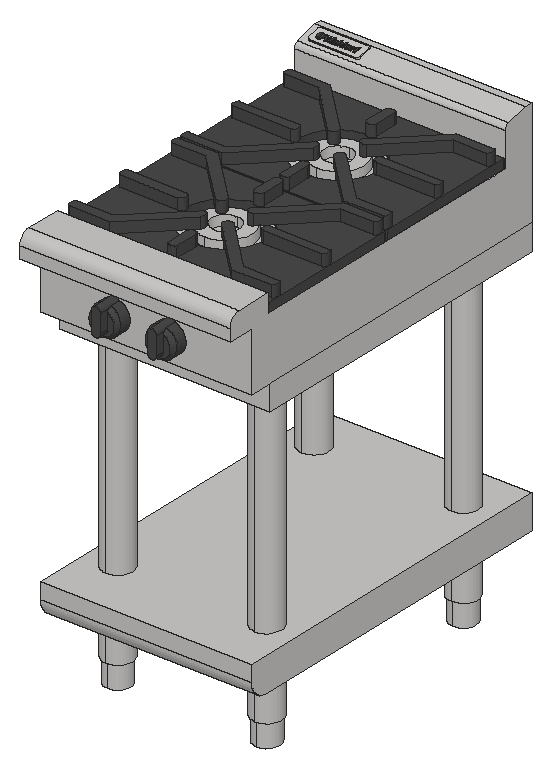
Revit family "QF_MOFFAT WALDORF_RNL8450G-LS", category Specialty Equipment, Revit 2012
Parameters
  Weight in Pounds = 189.5973
  URL Cutsheet = "www.moffat.com"
  URL = "www.moffat.com"
  Type Mark [instance] = ""
  Status [instance] = ""
  Specification by User [instance] = ""
  Specification by Manufacturer = ""
  Show Logo [instance] = yes
  Show Casters [instance] = no
  Serial Number = ""
  Seismic Rating = ""
  SMACNA No = ""
  Revision Code [instance] = ""
  Omniclass Number and Title = ""
  NAFEM Spec ID Number = ""
  Model = "RNL8450G-LS"
  Mechanical Remarks [instance] = ""
  Mechanical Connection Type [instance] = ""
  Masterspec = ""
  Manufacturer = "MOFFAT WALDORF"
  Legs [instance] = not(Show Casters)  # yes
  Item Number [instance] = ""
  Installed By [instance] = ""
  Identify Quantity as Lot [instance] = yes
  Gas Size = 3/4"
  Gas RI Height [instance] = 0 mm
  Gas KW [instance] = 15.5
  Gas Input [instance] = 53078.0 Btu/h
  Gas Connection Height = 0 mm
  Furnished By [instance] = ""
  Foodservice Equipment Identifier [instance] = yes
  Description = "COOK TOP LOW SPLASHBACK GAS ON LEG STAND"
  CSI MasterFormat = ""
  CSI Master Format = ""
Reference planes
  plane 1 "BACK": y = 0
  plane 2: z = 0
  plane 3 "LEFT": x = 0
  plane 4 "RIGHT": x = 450
  plane 5 "FRONT": y = -805
  plane 6 "TOP": z = 970
  plane 7 "Center Y": x = 225
  plane 8 "Center X": y = -402.5
Forms (mm)
  Extrusion 1, solid, material "QF_Finishes_Stainless Steel"
    sketch origin (0, 0, 0) x (0, 1, 0) y (0, 0, 1)
      loop
        line (-805, 891) -> (-805, 866) -> (-749, 866) -> (-749, 740) -> (0, 740) -> (0, 970) -> (-16.5, 970) -> (-61.106, 958.048)
        arc (-61.106, 958.048) -> (-67.52, 953.762) -> (-70, 946.457) r 12
        line (-70, 946.457) -> (-70, 875) -> (-705, 875) -> (-705, 915) -> (-781, 915)
        arc (-781, 915) -> (-797.971, 907.971) -> (-805, 891) r 24
      loop
        line (0, 739.206) -> (-699, 739.206) -> (-699, 685) -> (0, 685) -> (0, 739.206)
      loop
        line (0, 222.5) -> (-749, 222.5) -> (-749, 188)
        arc (-749, 188) -> (-737.87, 161.13) -> (-711, 150) r 38
        line (-711, 150) -> (0, 150) -> (0, 222.5)
    from 0 to 450
  Revolve 2, solid, material "QF_Finishes_Black"
    sketch origin (285, 0, 600) x (0, -1, 0) y (0, 0, 1)
      loop
        line (782, 229.605) -> (759, 229.605) -> (759, 202.105) -> (749, 202.105) -> (749, 197.105) -> (793, 197.105) -> (793, 223.757) -> (782, 229.605)
      axis (793, 197.105) -> (749, 197.105)
    angle from 0 to 360
  Extrusion 3, solid, material "QF_Finishes_Black"
    sketch origin (146.569, 0, 496.003) x (1, 0, 0) y (0, 0, 1)
      loop
        line (148.431, 289) -> (148.431, 327.997)
        arc (148.431, 327.997) -> (138.431, 337.997) -> (128.431, 327.997) r 10
        line (128.431, 327.997) -> (128.431, 289)
        arc (128.431, 289) -> (138.431, 279) -> (148.431, 289) r 10
    from 759 to 808
  Extrusion 4, solid, material "QF_Finishes_Stainless Steel"
    sketch origin (0, -699, 685) x (1, 0, 0) y (0, -1, 0)
      loop
        circle (320, -667) r 13.5
    from 0 to 30
  Revolve 5, solid, material "QF_Finishes_Black"
    sketch origin (165, 0, 599.873) x (0, 1, 0) y (0, 0, -1)
      loop
        line (-782, -229.5) -> (-759, -229.5) -> (-759, -202) -> (-749, -202) -> (-749, -197) -> (-793, -197) -> (-793, -223.651) -> (-782, -229.5)
      axis (-793, -197) -> (-749, -197)
    angle from 0 to 360
  Extrusion 6, solid, material "QF_Finishes_Black"
    sketch origin (303.27, 0, 600.031) x (-1, 0, 0) y (0, 0, -1)
      loop
        arc (148.269, -184.969) -> (138.269, -174.969) -> (128.269, -184.969) r 10
        line (128.269, -184.969) -> (128.269, -223.969)
        arc (128.269, -223.969) -> (138.269, -233.969) -> (148.269, -223.969) r 10
        line (148.269, -223.969) -> (148.269, -184.969)
    from 759 to 808
  Extrusion 7, solid, material "QF_Finishes_Black"
    sketch origin (0, -70, 875) x (0, -1, 0) y (1, 0, 0)
      loop
        line (316, 4) -> (316, 446)
        arc (316, 446) -> (315.121, 448.121) -> (313, 449) r 3
        line (313, 449) -> (4, 449)
        arc (4, 449) -> (1.879, 448.121) -> (1, 446) r 3
        line (1, 446) -> (1, 4)
        arc (1, 4) -> (1.879, 1.879) -> (4, 1) r 3
        line (4, 1) -> (313, 1)
        arc (313, 1) -> (315.121, 1.879) -> (316, 4) r 3
      loop
        line (321, 1) -> (630, 1)
        arc (630, 1) -> (632.121, 1.879) -> (633, 4) r 3
        line (633, 4) -> (633, 446)
        arc (633, 446) -> (632.121, 448.121) -> (630, 449) r 3
        line (630, 449) -> (321, 449)
        arc (321, 449) -> (318.879, 448.121) -> (318, 446) r 3
        line (318, 446) -> (318, 4)
        arc (318, 4) -> (318.879, 1.879) -> (321, 1) r 3
      loop
        circle (166.5, 225) r 87
      loop
        circle (466.5, 225) r 87
    from 0 to 19.5
  Extrusion 8, solid, material "QF_Finishes_Black"
    sketch origin (0, -70, 894.5) x (0, -1, 0) y (1, 0, 0)
      loop
        line (39.503, 81.861) -> (141.683, 184.041)
        spline (141.683, 184.041) -> (143.272, 186.112) -> (144.271, 188.524) -> (144.612, 191.112) -> (144.271, 193.7) -> (143.272, 196.112) -> (141.683, 198.183) -> (139.612, 199.772) -> (137.2, 200.771) -> (134.612, 201.112) -> (132.024, 200.771) -> (129.612, 199.772) -> (127.541, 198.183)
        line (127.541, 198.183) -> (19.503, 90.145) -> (19.503, 8.933)
        spline (19.503, 8.933) -> (19.844, 7.639) -> (20.843, 6.433) -> (22.432, 5.397) -> (24.503, 4.603) -> (26.915, 4.103) -> (29.503, 3.933) -> (32.091, 4.103) -> (34.503, 4.603) -> (36.574, 5.397) -> (38.163, 6.433) -> (39.162, 7.639) -> (39.503, 8.933)
        line (39.503, 8.933) -> (39.503, 81.861)
      loop
        line (19.503, 359.855) -> (127.541, 251.817)
        spline (127.541, 251.817) -> (129.612, 250.228) -> (132.024, 249.229) -> (134.612, 248.888) -> (137.2, 249.229) -> (139.612, 250.228) -> (141.683, 251.817) -> (143.272, 253.888) -> (144.271, 256.3) -> (144.612, 258.888) -> (144.271, 261.476) -> (143.272, 263.888) -> (141.683, 265.959)
        line (141.683, 265.959) -> (39.503, 368.139) -> (39.503, 441.067)
        spline (39.503, 441.067) -> (39.162, 442.361) -> (38.163, 443.567) -> (36.574, 444.603) -> (34.503, 445.397) -> (32.091, 445.897) -> (29.503, 446.067) -> (26.915, 445.897) -> (24.503, 445.397) -> (22.432, 444.603) -> (20.843, 443.567) -> (19.844, 442.361) -> (19.503, 441.067)
        line (19.503, 441.067) -> (19.503, 359.855)
      loop
        spline (26.398, 235) -> (25.104, 234.659) -> (23.898, 233.66) -> (22.862, 232.071) -> (22.068, 230) -> (21.568, 227.588) -> (21.398, 225) -> (21.568, 222.412) -> (22.068, 220) -> (22.862, 217.929) -> (23.898, 216.34) -> (25.104, 215.341) -> (26.398, 215)
        line (26.398, 215) -> (75.602, 215)
        spline (75.602, 215) -> (78.19, 215.341) -> (80.602, 216.34) -> (82.673, 217.929) -> (84.262, 220) -> (85.261, 222.412) -> (85.602, 225) -> (85.261, 227.588) -> (84.262, 230) -> (82.673, 232.071) -> (80.602, 233.66) -> (78.19, 234.659) -> (75.602, 235)
        line (75.602, 235) -> (26.398, 235)
      loop
        line (158.5, 441.102) -> (158.5, 316.898)
        spline (158.5, 316.898) -> (158.841, 314.31) -> (159.84, 311.898) -> (161.429, 309.827) -> (163.5, 308.238) -> (165.912, 307.239) -> (168.5, 306.898) -> (171.088, 307.239) -> (173.5, 308.238) -> (175.571, 309.827) -> (177.16, 311.898) -> (178.159, 314.31) -> (178.5, 316.898)
        line (178.5, 316.898) -> (178.5, 441.102)
        spline (178.5, 441.102) -> (178.159, 442.396) -> (177.16, 443.602) -> (175.571, 444.638) -> (173.5, 445.432) -> (171.088, 445.932) -> (168.5, 446.102) -> (165.912, 445.932) -> (163.5, 445.432) -> (161.429, 444.638) -> (159.84, 443.602) -> (158.841, 442.396) -> (158.5, 441.102)
      loop
        line (313.497, 355.855) -> (313.497, 441.067)
        spline (313.497, 441.067) -> (313.156, 442.361) -> (312.157, 443.567) -> (310.568, 444.603) -> (308.497, 445.397) -> (306.085, 445.897) -> (303.497, 446.067) -> (300.909, 445.897) -> (298.497, 445.397) -> (296.426, 444.603) -> (294.837, 443.567) -> (293.838, 442.361) -> (293.497, 441.067)
        line (293.497, 441.067) -> (293.497, 364.139) -> (190.439, 261.081)
        spline (190.439, 261.081) -> (188.85, 259.01) -> (187.851, 256.598) -> (187.51, 254.01) -> (187.851, 251.422) -> (188.85, 249.01) -> (190.439, 246.939) -> (192.51, 245.35) -> (194.922, 244.351) -> (197.51, 244.01) -> (200.098, 244.351) -> (202.51, 245.35) -> (204.581, 246.939)
        line (204.581, 246.939) -> (313.497, 355.855)
      loop
        line (293.497, 85.861) -> (293.497, 8.933)
        spline (293.497, 8.933) -> (293.838, 7.639) -> (294.837, 6.433) -> (296.426, 5.397) -> (298.497, 4.603) -> (300.909, 4.103) -> (303.497, 3.933) -> (306.085, 4.103) -> (308.497, 4.603) -> (310.568, 5.397) -> (312.157, 6.433) -> (313.156, 7.639) -> (313.497, 8.933)
        line (313.497, 8.933) -> (313.497, 94.145) -> (204.581, 203.061)
        spline (204.581, 203.061) -> (202.51, 204.65) -> (200.098, 205.649) -> (197.51, 205.99) -> (194.922, 205.649) -> (192.51, 204.65) -> (190.439, 203.061) -> (188.85, 200.99) -> (187.851, 198.578) -> (187.51, 195.99) -> (187.851, 193.402) -> (188.85, 190.99) -> (190.439, 188.919)
        line (190.439, 188.919) -> (293.497, 85.861)
      loop
        line (178.5, 8.898) -> (178.5, 133.102)
        spline (178.5, 133.102) -> (178.159, 135.69) -> (177.16, 138.102) -> (175.571, 140.173) -> (173.5, 141.762) -> (171.088, 142.761) -> (168.5, 143.102) -> (165.912, 142.761) -> (163.5, 141.762) -> (161.429, 140.173) -> (159.84, 138.102) -> (158.841, 135.69) -> (158.5, 133.102)
        line (158.5, 133.102) -> (158.5, 8.898)
        spline (158.5, 8.898) -> (158.841, 7.604) -> (159.84, 6.398) -> (161.429, 5.362) -> (163.5, 4.568) -> (165.912, 4.068) -> (168.5, 3.898) -> (171.088, 4.068) -> (173.5, 4.568) -> (175.571, 5.362) -> (177.16, 6.398) -> (178.159, 7.604) -> (178.5, 8.898)
      loop
        spline (308.602, 215) -> (309.896, 215.341) -> (311.102, 216.34) -> (312.138, 217.929) -> (312.932, 220) -> (313.432, 222.412) -> (313.602, 225) -> (313.432, 227.588) -> (312.932, 230) -> (312.138, 232.071) -> (311.102, 233.66) -> (309.896, 234.659) -> (308.602, 235)
        line (308.602, 235) -> (259.398, 235)
        spline (259.398, 235) -> (256.81, 234.659) -> (254.398, 233.66) -> (252.327, 232.071) -> (250.738, 230) -> (249.739, 227.588) -> (249.398, 225) -> (249.739, 222.412) -> (250.738, 220) -> (252.327, 217.929) -> (254.398, 216.34) -> (256.81, 215.341) -> (259.398, 215)
        line (259.398, 215) -> (308.602, 215)
      loop
        line (339.503, 81.861) -> (441.683, 184.041)
        spline (441.683, 184.041) -> (443.272, 186.112) -> (444.271, 188.524) -> (444.612, 191.112) -> (444.271, 193.7) -> (443.272, 196.112) -> (441.683, 198.183) -> (439.612, 199.772) -> (437.2, 200.771) -> (434.612, 201.112) -> (432.024, 200.771) -> (429.612, 199.772) -> (427.541, 198.183)
        line (427.541, 198.183) -> (319.503, 90.145) -> (319.503, 8.933)
        spline (319.503, 8.933) -> (319.844, 7.639) -> (320.843, 6.433) -> (322.432, 5.397) -> (324.503, 4.603) -> (326.915, 4.103) -> (329.503, 3.933) -> (332.091, 4.103) -> (334.503, 4.603) -> (336.574, 5.397) -> (338.163, 6.433) -> (339.162, 7.639) -> (339.503, 8.933)
        line (339.503, 8.933) -> (339.503, 81.861)
      loop
        line (319.503, 359.855) -> (427.541, 251.817)
        spline (427.541, 251.817) -> (429.612, 250.228) -> (432.024, 249.229) -> (434.612, 248.888) -> (437.2, 249.229) -> (439.612, 250.228) -> (441.683, 251.817) -> (443.272, 253.888) -> (444.271, 256.3) -> (444.612, 258.888) -> (444.271, 261.476) -> (443.272, 263.888) -> (441.683, 265.959)
        line (441.683, 265.959) -> (339.503, 368.139) -> (339.503, 441.067)
        spline (339.503, 441.067) -> (339.162, 442.361) -> (338.163, 443.567) -> (336.574, 444.603) -> (334.503, 445.397) -> (332.091, 445.897) -> (329.503, 446.067) -> (326.915, 445.897) -> (324.503, 445.397) -> (322.432, 444.603) -> (320.843, 443.567) -> (319.844, 442.361) -> (319.503, 441.067)
        line (319.503, 441.067) -> (319.503, 359.855)
      loop
        spline (326.398, 235) -> (325.104, 234.659) -> (323.898, 233.66) -> (322.862, 232.071) -> (322.068, 230) -> (321.568, 227.588) -> (321.398, 225) -> (321.568, 222.412) -> (322.068, 220) -> (322.862, 217.929) -> (323.898, 216.34) -> (325.104, 215.341) -> (326.398, 215)
        line (326.398, 215) -> (375.602, 215)
        spline (375.602, 215) -> (378.19, 215.341) -> (380.602, 216.34) -> (382.673, 217.929) -> (384.262, 220) -> (385.261, 222.412) -> (385.602, 225) -> (385.261, 227.588) -> (384.262, 230) -> (382.673, 232.071) -> (380.602, 233.66) -> (378.19, 234.659) -> (375.602, 235)
        line (375.602, 235) -> (326.398, 235)
      loop
        line (458.5, 441.102) -> (458.5, 316.898)
        spline (458.5, 316.898) -> (458.841, 314.31) -> (459.84, 311.898) -> (461.429, 309.827) -> (463.5, 308.238) -> (465.912, 307.239) -> (468.5, 306.898) -> (471.088, 307.239) -> (473.5, 308.238) -> (475.571, 309.827) -> (477.16, 311.898) -> (478.159, 314.31) -> (478.5, 316.898)
        line (478.5, 316.898) -> (478.5, 441.102)
        spline (478.5, 441.102) -> (478.159, 442.396) -> (477.16, 443.602) -> (475.571, 444.638) -> (473.5, 445.432) -> (471.088, 445.932) -> (468.5, 446.102) -> (465.912, 445.932) -> (463.5, 445.432) -> (461.429, 444.638) -> (459.84, 443.602) -> (458.841, 442.396) -> (458.5, 441.102)
      loop
        line (613.497, 355.855) -> (613.497, 441.067)
        spline (613.497, 441.067) -> (613.156, 442.361) -> (612.157, 443.567) -> (610.568, 444.603) -> (608.497, 445.397) -> (606.085, 445.897) -> (603.497, 446.067) -> (600.909, 445.897) -> (598.497, 445.397) -> (596.426, 444.603) -> (594.837, 443.567) -> (593.838, 442.361) -> (593.497, 441.067)
        line (593.497, 441.067) -> (593.497, 364.139) -> (490.439, 261.081)
        spline (490.439, 261.081) -> (488.85, 259.01) -> (487.851, 256.598) -> (487.51, 254.01) -> (487.851, 251.422) -> (488.85, 249.01) -> (490.439, 246.939) -> (492.51, 245.35) -> (494.922, 244.351) -> (497.51, 244.01) -> (500.098, 244.351) -> (502.51, 245.35) -> (504.581, 246.939)
        line (504.581, 246.939) -> (613.497, 355.855)
      loop
        line (593.497, 85.861) -> (593.497, 8.933)
        spline (593.497, 8.933) -> (593.838, 7.639) -> (594.837, 6.433) -> (596.426, 5.397) -> (598.497, 4.603) -> (600.909, 4.103) -> (603.497, 3.933) -> (606.085, 4.103) -> (608.497, 4.603) -> (610.568, 5.397) -> (612.157, 6.433) -> (613.156, 7.639) -> (613.497, 8.933)
        line (613.497, 8.933) -> (613.497, 94.145) -> (504.581, 203.061)
        spline (504.581, 203.061) -> (502.51, 204.65) -> (500.098, 205.649) -> (497.51, 205.99) -> (494.922, 205.649) -> (492.51, 204.65) -> (490.439, 203.061) -> (488.85, 200.99) -> (487.851, 198.578) -> (487.51, 195.99) -> (487.851, 193.402) -> (488.85, 190.99) -> (490.439, 188.919)
        line (490.439, 188.919) -> (593.497, 85.861)
      loop
        line (478.5, 8.898) -> (478.5, 133.102)
        spline (478.5, 133.102) -> (478.159, 135.69) -> (477.16, 138.102) -> (475.571, 140.173) -> (473.5, 141.762) -> (471.088, 142.761) -> (468.5, 143.102) -> (465.912, 142.761) -> (463.5, 141.762) -> (461.429, 140.173) -> (459.84, 138.102) -> (458.841, 135.69) -> (458.5, 133.102)
        line (458.5, 133.102) -> (458.5, 8.898)
        spline (458.5, 8.898) -> (458.841, 7.604) -> (459.84, 6.398) -> (461.429, 5.362) -> (463.5, 4.568) -> (465.912, 4.068) -> (468.5, 3.898) -> (471.088, 4.068) -> (473.5, 4.568) -> (475.571, 5.362) -> (477.16, 6.398) -> (478.159, 7.604) -> (478.5, 8.898)
      loop
        spline (608.602, 215) -> (609.896, 215.341) -> (611.102, 216.34) -> (612.138, 217.929) -> (612.932, 220) -> (613.432, 222.412) -> (613.602, 225) -> (613.432, 227.588) -> (612.932, 230) -> (612.138, 232.071) -> (611.102, 233.66) -> (609.896, 234.659) -> (608.602, 235)
        line (608.602, 235) -> (559.398, 235)
        spline (559.398, 235) -> (556.81, 234.659) -> (554.398, 233.66) -> (552.327, 232.071) -> (550.738, 230) -> (549.739, 227.588) -> (549.398, 225) -> (549.739, 222.412) -> (550.738, 220) -> (552.327, 217.929) -> (554.398, 216.34) -> (556.81, 215.341) -> (559.398, 215)
        line (559.398, 215) -> (608.602, 215)
    from 0 to 23.5
  Revolve 9, solid, material "QF_Finishes_Stainless Steel", visible <- "Legs"
    sketch origin (65, -165, 0) x (0, 1, 0) y (0, 0, 1)
      loop
        line (33.25, 150) -> (33.25, 50) -> (37.5, 50) -> (37.5, 0) -> (65, 0) -> (65, 150) -> (33.25, 150)
      axis (65, 150) -> (65, 0)
    angle from 0 to 360
  Revolve 10, solid, material "QF_Finishes_Stainless Steel"
    sketch origin (65, -735, 0) x (0, 1, 0) y (0, 0, 1)
      loop
        line (78.25, 150) -> (78.25, 50) -> (82.5, 50) -> (82.5, 0) -> (110, 0) -> (110, 150) -> (78.25, 150)
      axis (110, 150) -> (110, 0)
    angle from 0 to 360
  Revolve 11, solid, material "QF_Finishes_Stainless Steel", visible <- "Legs"
    sketch origin (384, -165, 0) x (0, 1, 0) y (0, 0, -1)
      loop
        line (33.25, -150) -> (65, -150) -> (65, 0) -> (37.5, 0) -> (37.5, -50) -> (33.25, -50) -> (33.25, -150)
      axis (65, -150) -> (65, 0)
    angle from 0 to 360
  Revolve 12, solid, material "QF_Finishes_Stainless Steel"
    sketch origin (384, -735, 0) x (0, 1, 0) y (0, 0, -1)
      loop
        line (78.25, -150) -> (110, -150) -> (110, 0) -> (82.5, 0) -> (82.5, -50) -> (78.25, -50) -> (78.25, -150)
      axis (110, -150) -> (110, 0)
    angle from 0 to 360
  Extrusion 13, solid, material "QF_Finishes_Stainless Steel"
    sketch origin (0, -699, 222.5) x (0, -1, 0) y (1, 0, 0)
      loop
        circle (-599, 65) r 31.75
      loop
        circle (-599, 384) r 31.75
      loop
        circle (-74, 65) r 31.75
      loop
        circle (-74, 384) r 31.75
    from 0 to 462.5
  Extrusion 14, solid, material "QF_Finishes_Stainless Steel"
    sketch origin (0, -70, 875) x (0, -1, 0) y (1, 0, 0)
      loop
        circle (166.5, 225) r 57
      loop
        circle (466.5, 225) r 57
      loop
        circle (166.5, 225) r 30
      loop
        circle (466.5, 225) r 30
    from 0 to 20
Cuts and joins
  joined: Revolve 2, Extrusion 3
Lines and regions (mm)
  symbolic lines
    curve 1: line (0, 0, 0) -> (0, -805, 0)
    curve 2: line (450, 0, 0) -> (0, 0, 0)
    curve 3: line (450, -805, 0) -> (450, 0, 0)
    curve 4: line (0, -70, 0) -> (450, -70, 0)
    curve 5: line (0, -805, 0) -> (450, -805, 0)
    curve 10: line (0, -385, 0) -> (450, -385, 0)
    curve 11: line (8.898, -98.128, 0) -> (85.628, -98.128, 0)
    curve 12: line (85.628, -98.128, 0) -> (193.551, -206.051, 0)
    curve 13: line (225, -96.398, 0) -> (225, -145.602, 0)
    curve 14: line (441.102, -98.128, 0) -> (364.372, -98.128, 0)
    curve 15: line (364.372, -98.128, 0) -> (256.449, -206.051, 0)
    curve 16: line (441.102, -237.5, 0) -> (316.898, -237.5, 0)
    curve 17: line (441.102, -376.872, 0) -> (364.372, -376.872, 0)
    curve 18: line (364.372, -376.872, 0) -> (256.449, -268.949, 0)
    curve 19: line (8.898, -376.872, 0) -> (85.628, -376.872, 0)
    curve 20: line (85.628, -376.872, 0) -> (193.551, -268.949, 0)
    curve 21: line (8.898, -237.5, 0) -> (133.102, -237.5, 0)
    curve 22: line (225, -378.602, 0) -> (225, -329.398, 0)
    curve 23: line (441.102, -397.128, 0) -> (364.372, -397.128, 0)
    curve 24: line (364.372, -397.128, 0) -> (256.449, -505.051, 0)
    curve 25: line (225, -395.398, 0) -> (225, -444.602, 0)
    curve 26: line (8.898, -397.128, 0) -> (85.628, -397.128, 0)
    curve 27: line (85.628, -397.128, 0) -> (193.551, -505.051, 0)
    curve 28: line (8.898, -536.5, 0) -> (133.102, -536.5, 0)
    curve 29: line (441.102, -536.5, 0) -> (316.898, -536.5, 0)
    curve 30: line (364.372, -675.872, 0) -> (256.449, -567.949, 0)
    curve 31: line (441.102, -675.872, 0) -> (364.372, -675.872, 0)
    curve 32: line (225, -677.602, 0) -> (225, -628.398, 0)
    curve 33: line (85.628, -675.872, 0) -> (193.551, -567.949, 0)
    curve 34: line (8.898, -675.872, 0) -> (85.628, -675.872, 0)
    curve 35: arc (225, -293.5, 0) -> (168, -236.5, 0) -> (225, -179.5, 0) r 57
    curve 36: arc (225, -179.5, 0) -> (282, -236.5, 0) -> (225, -293.5, 0) r 57
    curve 37: arc (225, -593.5, 0) -> (168, -536.5, 0) -> (225, -479.5, 0) r 57
    curve 38: arc (225, -479.5, 0) -> (282, -536.5, 0) -> (225, -593.5, 0) r 57
    curve 39: line (450, -705, 0) -> (0, -705, 0)
    curve 40: arc (225, -323.5, 0) -> (138, -236.5, 0) -> (225, -149.5, 0) r 87
    curve 41: arc (225, -149.5, 0) -> (312, -236.5, 0) -> (225, -323.5, 0) r 87
    curve 42: arc (225, -623.5, 0) -> (138, -536.5, 0) -> (225, -449.5, 0) r 87
    curve 43: arc (225, -449.5, 0) -> (312, -536.5, 0) -> (225, -623.5, 0) r 87
    curve 44: arc (225, -266.5, 0) -> (195, -236.5, 0) -> (225, -206.5, 0) r 30
    curve 45: arc (225, -206.5, 0) -> (255, -236.5, 0) -> (225, -266.5, 0) r 30
    curve 46: arc (225, -506.5, 0) -> (255, -536.5, 0) -> (225, -566.5, 0) r 30
    curve 47: arc (225, -566.5, 0) -> (195, -536.5, 0) -> (225, -506.5, 0) r 30
  symbolic lines, visible <- "Show Logo"
    curve 6: line (12.5, -51.234, 0) -> (12.5, -20.958, 0)
    curve 7: line (12.5, -20.958, 0) -> (121.5, -20.958, 0)
    curve 8: line (12.5, -51.234, 0) -> (121.5, -51.234, 0)
    curve 9: line (121.5, -20.958, 0) -> (121.5, -51.234, 0)
Dimensions and locks
  equal spacing: plane 3 "LEFT", plane 7 "Center Y", plane 4 "RIGHT"
  plane 3 "LEFT" to plane 4 "RIGHT" = 450 mm
  equal spacing: plane 5 "FRONT", plane 8 "Center X", plane 1 "BACK"
  plane 5 "FRONT" to plane 1 "BACK" = 805 mm  (x2)
  equal spacing: plane 4 "RIGHT", plane 7 "Center Y", plane 3 "LEFT"
  plane 4 "RIGHT" to plane 3 "LEFT" = 450 mm
  plane 6 "TOP" to level = 970 mm  (x2)
  Extrusion 4 to level = 685 mm
  Extrusion 4 to plane 1 "BACK" = 32 mm
  aligned and locked: level to plane 2
  aligned and locked: curve 3 to plane 4 "RIGHT"
Automatic sketch dimensions
  Revolve 2 sketch curve to plane 5 "FRONT" = 56 mm
  Revolve 2 sketch curve to Revolve 2 sketch curve = 10 mm
  Revolve 2 sketch curve to Revolve 2 sketch curve = 21.3 mm
  Revolve 2 sketch curve to plane 5 "FRONT" = 23 mm
  Revolve 2 sketch curve to plane 5 "FRONT" = 12 mm
  Revolve 2 sketch curve to Revolve 2 sketch curve = 0 mm  (x2)
  level to Revolve 2 sketch curve = 797.105 mm
  Revolve 2 sketch curve to Revolve 2 sketch curve = 5 mm
  Revolve 2 sketch curve to Revolve 2 sketch curve = 26.651 mm
  Revolve 2 sketch curve to Revolve 2 sketch curve = 5.849 mm
  Extrusion 3 sketch curve to Extrusion 3 sketch curve = 10 mm
  level to Extrusion 3 sketch curve = 785.003 mm
  Extrusion 3 sketch curve to Extrusion 3 sketch curve = 38.997 mm
  Revolve 5 sketch curve to plane 5 "FRONT" = 12 mm
  Revolve 5 sketch curve to Revolve 5 sketch curve = 0 mm  (x2)
  Revolve 5 sketch curve to Revolve 5 sketch curve = 11 mm
  Revolve 5 sketch curve to Revolve 5 sketch curve = 12.7 mm
  Revolve 5 sketch curve to Revolve 5 sketch curve = 23 mm
  Revolve 5 sketch curve to Revolve 5 sketch curve = 10 mm
  level to Revolve 5 sketch curve = 829.373 mm
  Revolve 5 sketch curve to Revolve 5 sketch curve = 5.849 mm
  Revolve 5 sketch curve to Revolve 5 sketch curve = 27.5 mm
  Revolve 5 sketch curve to Revolve 5 sketch curve = 5 mm
  Extrusion 6 sketch curve to Extrusion 6 sketch curve = 10 mm
  level to Extrusion 6 sketch curve = 824 mm
  Extrusion 6 sketch curve to Extrusion 6 sketch curve = 39 mm
  Extrusion 1 to Extrusion 7 sketch curve = 1 mm  (x5)
  Extrusion 1 to Extrusion 7 sketch curve = 4 mm  (x3)
  Extrusion 1 to Extrusion 7 sketch curve = 166.5 mm
  Extrusion 7 sketch curve to Extrusion 7 sketch curve = 146.5 mm  (x2)
  Extrusion 7 sketch curve to Extrusion 7 sketch curve = 2 mm
  Extrusion 7 sketch curve to Extrusion 7 sketch curve = 3 mm  (x2)
  Extrusion 7 sketch curve to Extrusion 1 = 168.5 mm
  Extrusion 7 sketch curve to Extrusion 1 = 5 mm  (x2)
  Extrusion 7 sketch curve to Extrusion 1 = 2 mm
  Extrusion 1 to Extrusion 7 sketch curve = 225 mm  (x2)
  Extrusion 8 sketch curve to Extrusion 7 = 18.503 mm  (x2)
  Extrusion 8 sketch curve to Extrusion 7 = 25.398 mm
  Extrusion 8 sketch curve to Extrusion 8 sketch curve = 10 mm  (x16)
  Extrusion 8 sketch curve to Extrusion 8 sketch curve = 49.204 mm  (x2)
  Extrusion 8 sketch curve to Extrusion 8 sketch curve = 51.939 mm  (x2)
  Extrusion 8 sketch curve to Extrusion 8 sketch curve = 0 mm  (x3)
  Extrusion 8 sketch curve to Extrusion 8 sketch curve = 7.071 mm  (x8)
  Extrusion 8 sketch curve to Extrusion 7 = 7.898 mm  (x4)
  Extrusion 8 sketch curve to Extrusion 8 sketch curve = 118.997 mm  (x2)
  Extrusion 8 sketch curve to Extrusion 8 sketch curve = 16.817 mm  (x4)
  Extrusion 8 sketch curve to Extrusion 8 sketch curve = 48.756 mm  (x4)
  Extrusion 8 sketch curve to Extrusion 8 sketch curve = 54.817 mm  (x2)
  Extrusion 8 sketch curve to Extrusion 7 = 22.503 mm  (x2)
  Extrusion 8 sketch curve to Extrusion 7 = 7.398 mm
  Extrusion 8 sketch curve to Extrusion 7 = 1.503 mm  (x2)
  Extrusion 8 sketch curve to Extrusion 7 = 8.398 mm
  Extrusion 8 sketch curve to Extrusion 7 = 7.933 mm  (x7)
  Extrusion 8 sketch curve to Extrusion 7 = 39.503 mm  (x2)
  Extrusion 8 sketch curve to Extrusion 7 = 24.398 mm
  Extrusion 8 sketch curve to Extrusion 8 sketch curve = 72.928 mm  (x2)
  Extrusion 8 sketch curve to Extrusion 8 sketch curve = 4 mm  (x3)
  Extrusion 8 sketch curve to Extrusion 8 sketch curve = 76.928 mm
  Extrusion 8 sketch curve to Extrusion 8 sketch curve = 8.284 mm  (x7)
  Extrusion 8 sketch curve to Extrusion 8 sketch curve = 124.204 mm  (x2)
  Extrusion 8 sketch curve to Extrusion 8 sketch curve = 50.939 mm  (x3)
  Extrusion 8 sketch curve to Extrusion 8 sketch curve = 4.878 mm  (x2)
  Extrusion 8 sketch curve to Extrusion 8 sketch curve = 11.939 mm  (x2)
  Extrusion 8 sketch curve to Extrusion 8 sketch curve = 43.878 mm  (x2)
  Extrusion 8 sketch curve to Extrusion 8 sketch curve = 53.634 mm  (x2)
  Extrusion 8 sketch curve to Extrusion 8 sketch curve = 55.817 mm
  Extrusion 8 sketch curve to Extrusion 7 = 93.145 mm
  Extrusion 8 sketch curve to Extrusion 8 sketch curve = 85.212 mm
  Extrusion 8 sketch curve to Extrusion 7 = 89.145 mm
  plane 7 "Center Y" to Extrusion 3 sketch curve = 50 mm
  Extrusion 6 sketch curve to plane 7 "Center Y" = 49.999 mm
  plane 1 "BACK" to Revolve 9 sketch curve = 131.75 mm
  Revolve 9 sketch curve to Revolve 9 sketch curve = 4.25 mm
  Revolve 9 sketch curve to Revolve 9 sketch curve = 27.5 mm  (x2)
  Revolve 9 sketch curve to level = 55 mm
  Revolve 9 sketch curve to Revolve 9 sketch curve = 55 mm
  Revolve 9 sketch curve to Revolve 9 sketch curve = 50 mm
  Revolve 9 sketch curve to Revolve 9 sketch curve = 0 mm
  level to Revolve 9 sketch curve = 150 mm
  Revolve 10 sketch curve to plane 5 "FRONT" = 148.25 mm
  Revolve 10 sketch curve to Revolve 10 sketch curve = 4.25 mm
  Revolve 10 sketch curve to Revolve 10 sketch curve = 27.5 mm  (x2)
  Revolve 10 sketch curve to level = 55 mm
  Revolve 10 sketch curve to Revolve 10 sketch curve = 55 mm
  Revolve 10 sketch curve to Revolve 10 sketch curve = 50 mm
  Revolve 10 sketch curve to Revolve 10 sketch curve = 0 mm
  level to Revolve 10 sketch curve = 150 mm
  plane 1 "BACK" to Revolve 11 sketch curve = 131.75 mm
  Revolve 11 sketch curve to Revolve 11 sketch curve = 4.25 mm
  Revolve 11 sketch curve to Revolve 11 sketch curve = 27.5 mm  (x2)
  level to Revolve 11 sketch curve = 150 mm
  Revolve 11 sketch curve to Revolve 11 sketch curve = 100 mm
  Revolve 11 sketch curve to Revolve 11 sketch curve = 0 mm
  Revolve 11 sketch curve to Revolve 11 sketch curve = 50 mm
  Revolve 11 sketch curve to Revolve 11 sketch curve = 55 mm
  Revolve 12 sketch curve to plane 5 "FRONT" = 148.25 mm
  Revolve 12 sketch curve to Revolve 12 sketch curve = 4.25 mm
  Revolve 12 sketch curve to Revolve 12 sketch curve = 27.5 mm  (x2)
  level to Revolve 12 sketch curve = 150 mm
  Revolve 12 sketch curve to Revolve 12 sketch curve = 100 mm
  Revolve 12 sketch curve to Revolve 12 sketch curve = 0 mm
  Revolve 12 sketch curve to Revolve 12 sketch curve = 50 mm
  Revolve 12 sketch curve to Revolve 12 sketch curve = 55 mm
  Extrusion 13 sketch curve to Extrusion 13 sketch curve = 31.75 mm  (x4)
  plane 1 "BACK" to Extrusion 4 sketch curve = 32 mm
  plane 7 "Center Y" to Extrusion 4 sketch curve = 95 mm
  Extrusion 13 sketch curve to Extrusion 13 sketch curve = 0 mm  (x8)
  plane 1 "BACK" to Extrusion 13 sketch curve = 68.25 mm  (x2)
  plane 4 "RIGHT" to Extrusion 13 sketch curve = 66 mm  (x2)
  Extrusion 13 sketch curve to plane 8 "Center X" = 190.75 mm  (x2)
  plane 3 "LEFT" to Extrusion 13 sketch curve = 65 mm  (x2)
  Extrusion 1 sketch curve to plane 5 "FRONT" = 0 mm
  Extrusion 1 sketch curve to plane 6 "TOP" = 0 mm
  Extrusion 1 sketch curve to plane 1 "BACK" = 0 mm  (x3)
  Extrusion 1 sketch curve to plane 5 "FRONT" = 24 mm
  Extrusion 1 sketch curve to plane 5 "FRONT" = 56 mm  (x2)
  Extrusion 1 sketch curve to Extrusion 1 sketch curve = 38 mm
  Extrusion 1 sketch curve to Extrusion 1 sketch curve = 44 mm
  Extrusion 1 sketch curve to Extrusion 1 sketch curve = 50 mm
  plane 1 "BACK" to Extrusion 1 sketch curve = 70 mm
  Extrusion 1 sketch curve to plane 6 "TOP" = 11.952 mm
  Extrusion 1 sketch curve to Extrusion 1 sketch curve = 8.894 mm
  Extrusion 1 sketch curve to Extrusion 1 sketch curve = 12 mm
  plane 1 "BACK" to Extrusion 1 sketch curve = 16.5 mm
  Extrusion 1 sketch curve to plane 6 "TOP" = 55 mm
  Extrusion 1 sketch curve to Extrusion 1 sketch curve = 71.457 mm
  Extrusion 1 sketch curve to Extrusion 1 sketch curve = 25 mm
  Extrusion 1 sketch curve to Extrusion 1 sketch curve = 126 mm
  Extrusion 1 sketch curve to Extrusion 1 sketch curve = 0.794 mm
  Extrusion 1 sketch curve to Extrusion 1 sketch curve = 54.206 mm
  level to Extrusion 1 sketch curve = 222.5 mm
  Extrusion 1 sketch curve to Extrusion 1 sketch curve = 34.5 mm
  curve 35 to curve 40 = 0 mm  (x2)
  curve 37 to curve 42 = 0 mm  (x2)
  plane 1 "BACK" to curve 1 = 0 mm
  curve 1 to plane 3 "LEFT" = 0 mm
  curve 38 to plane 7 "Center Y" = 0 mm
  curve 13 to plane 7 "Center Y" = 0 mm
  curve 40 to plane 7 "Center Y" = 0 mm
  curve 22 to plane 7 "Center Y" = 0 mm
  curve 25 to plane 7 "Center Y" = 0 mm
  curve 32 to plane 7 "Center Y" = 0 mm
  plane 5 "FRONT" to curve 1 = 0 mm
  plane 3 "LEFT" to curve 19 = 8.898 mm
  plane 3 "LEFT" to curve 34 = 8.898 mm
  plane 3 "LEFT" to curve 21 = 8.898 mm
  plane 3 "LEFT" to curve 26 = 8.898 mm
  plane 3 "LEFT" to curve 11 = 8.898 mm
  plane 3 "LEFT" to curve 28 = 8.898 mm
  plane 3 "LEFT" to curve 6 = 12.5 mm
  curve 34 to curve 33 = 76.73 mm
  plane 8 "Center X" to curve 20 = 25.628 mm
  curve 19 to curve 20 = 76.73 mm
  plane 8 "Center X" to curve 26 = 5.372 mm
  curve 26 to curve 19 = 0 mm
  curve 11 to curve 11 = 76.73 mm
  plane 1 "BACK" to curve 7 = 20.958 mm
  curve 11 to curve 7 = 35.872 mm
  curve 21 to plane 7 "Center Y" = 91.898 mm
  curve 28 to plane 7 "Center Y" = 91.898 mm
  curve 27 to plane 7 "Center Y" = 31.449 mm
  curve 33 to plane 7 "Center Y" = 31.449 mm
  curve 20 to plane 7 "Center Y" = 31.449 mm
  curve 12 to plane 7 "Center Y" = 31.449 mm
  plane 7 "Center Y" to curve 18 = 31.449 mm
  plane 7 "Center Y" to curve 30 = 31.449 mm
  plane 7 "Center Y" to curve 15 = 31.449 mm
  plane 7 "Center Y" to curve 24 = 31.449 mm
  curve 30 to curve 29 = 60.449 mm
  curve 15 to curve 16 = 60.449 mm
  plane 8 "Center X" to curve 23 = 5.372 mm
  plane 4 "RIGHT" to curve 23 = 85.628 mm
  plane 4 "RIGHT" to curve 30 = 85.628 mm
  plane 4 "RIGHT" to curve 14 = 85.628 mm
  plane 8 "Center X" to curve 18 = 25.628 mm
  curve 18 to curve 23 = 0 mm
  plane 4 "RIGHT" to curve 16 = 8.898 mm
  plane 4 "RIGHT" to curve 23 = 8.898 mm
  plane 4 "RIGHT" to curve 29 = 8.898 mm
  plane 4 "RIGHT" to curve 31 = 8.898 mm
  plane 4 "RIGHT" to curve 14 = 8.898 mm
  plane 4 "RIGHT" to curve 17 = 8.898 mm
  curve 39 to plane 5 "FRONT" = 100 mm
  curve 32 to plane 5 "FRONT" = 127.398 mm
  curve 39 to curve 34 = 29.128 mm
  curve 39 to curve 30 = 29.128 mm
  curve 32 to curve 32 = 49.204 mm
  curve 32 to curve 42 = 4.898 mm
  curve 42 to curve 38 = 30 mm
  curve 37 to curve 33 = 25.551 mm
  curve 38 to curve 30 = 25.551 mm
  curve 28 to plane 8 "Center X" = 134 mm
  curve 29 to plane 8 "Center X" = 134 mm
  curve 42 to curve 25 = 4.898 mm
  plane 8 "Center X" to curve 25 = 7.102 mm
  curve 10 to curve 17 = 8.128 mm
  curve 25 to curve 22 = 16.796 mm
  curve 22 to curve 22 = 49.204 mm
  curve 22 to curve 41 = 5.898 mm
  curve 40 to curve 35 = 30 mm
  curve 35 to curve 20 = 24.551 mm
  curve 36 to curve 18 = 24.551 mm
  curve 18 to curve 16 = 31.449 mm
  curve 20 to curve 21 = 31.449 mm
  curve 18 to curve 36 = 32.449 mm
  curve 15 to curve 36 = 26.551 mm
  curve 12 to curve 35 = 26.551 mm
  curve 40 to curve 13 = 3.898 mm
  curve 12 to curve 7 = 77.17 mm
  plane 1 "BACK" to curve 15 = 98.128 mm
  curve 13 to curve 13 = 49.204 mm
  curve 14 to curve 4 = 28.128 mm
  curve 9 to curve 7 = 30.277 mm
  curve 33 to curve 42 = 31.449 mm
  curve 27 to curve 37 = 25.551 mm
  curve 24 to curve 38 = 25.551 mm
  Extrusion 14 sketch curve to Extrusion 14 sketch curve = 0 mm  (x24)
  Extrusion 1 to Extrusion 14 sketch curve = 109.5 mm
  Extrusion 14 sketch curve to Extrusion 14 sketch curve = 27 mm  (x2)
  Extrusion 14 sketch curve to Extrusion 14 sketch curve = 30 mm  (x2)
  Extrusion 14 sketch curve to Extrusion 14 sketch curve = 186 mm
  Extrusion 1 to Extrusion 14 sketch curve = 225 mm  (x2)
  curve 35 to curve 44 = 0 mm  (x2)
  curve 36 to curve 45 = 27 mm
  curve 37 to curve 46 = 0 mm  (x2)
  curve 37 to curve 46 = 27 mm
  radius of Extrusion 7 sketch curve = 87 mm  (x2)
  radius of Extrusion 4 sketch curve = 13.5 mm
Nested families
  nested 1: "RN840G-LS-CASTERS" at (65, -100, 0), Show Casters <- "Show Casters", visible <- "Show Casters", type "RN840G-LS-CASTERS"
    with Type Mark "", Status "", Specification by User "", Show Casters no, Revision Code "", Item Number "", Installed By "", Identify Quantity as Lot yes, Furnished By "", Foodservice Equipment Identifier yes
  nested 2: "RN840G-LS-CASTERS" at (384, -100, 0), Show Casters <- "Show Casters", visible <- "Show Casters", type "RN840G-LS-CASTERS"
    with Type Mark "", Status "", Specification by User "", Show Casters no, Revision Code "", Item Number "", Installed By "", Identify Quantity as Lot yes, Furnished By "", Foodservice Equipment Identifier yes
  nested 3: "WALDORF LOGO_FACE BASE" at (12.581, -20.347, 968.969) x (1, 0, 0) z (0, -0.2588, 0.9659), type "WALDORF LOGO_FACE BASE", detail levels medium+fine
    with Show Logo yes
Connectors
  piping at (320, -32, 685)
    settings: on Extrusion 4, index 1, connector radius 0.37402", flow factor 0, pipe flow 0 GPM, pressure drop 0.00 psi, fitting loss kfactor 0, connector angle 0.00°, fixture units 0, engagement length 0 mm, flow configuration 1, flow direction 1, fitting loss method 0, system type 7, joint type 0, gender type 0, connector reference index -1, connector utility 0, adjustable connector no, is connector primary yes, fitting loss table "", connector description "GAS CONNECTION"
Definition of nested family "WALDORF LOGO_FACE BASE"
  Parameters (values of type "WALDORF LOGO_FACE BASE")
    Show Logo [instance] = yes
    Default Elevation = 1219.2 mm
  Reference planes
    plane 1 "Center (Front/Back)": y = 0
    plane 2: z = 0
    plane 3 "Center (Left/Right)": x = 0
  Forms (mm)
    Extrusion 1, solid
      sketch origin (0, 0, 0) x (1, 0, 0) y (0, 1, 0)
        loop
          line (-1219.2, 1219.2) -> (-1219.2, -1219.2) -> (1219.2, -1219.2) -> (1219.2, 1219.2) -> (-1219.2, 1219.2)
      from 0 to -304.8
    Extrusion 2, solid, material "QF_Finishes_Stainless Steel", visible <- "Show Logo"
      sketch origin (0, -33.217, 0) x (1, 0, 0) y (0, 1, 0)
        loop
          arc (5, 34.14) -> (1.464, 32.676) -> (0, 29.14) r 5
          line (0, 29.14) -> (0, 5)
          arc (0, 5) -> (1.464, 1.464) -> (5, 0) r 5
          line (5, 0) -> (104, 0)
          arc (104, 0) -> (107.536, 1.464) -> (109, 5) r 5
          line (109, 5) -> (109, 29.14)
          arc (109, 29.14) -> (107.536, 32.676) -> (104, 34.14) r 5
          line (104, 34.14) -> (5, 34.14)
      from 0 to 1.588
    Extrusion 3, solid, material "QF_Finishes_Black", visible <- "Show Logo"
      sketch origin (0, -33.217, 1.588) x (1, 0, 0) y (0, 1, 0)
        loop
          line (24.772, 23.214) -> (27.992, 10.301) -> (31.551, 10.301) -> (33.443, 17.364) -> (35.205, 10.301) -> (39.332, 10.301) -> (42.077, 23.214) -> (38.352, 23.214) -> (36.676, 15.33) -> (35, 23.214) -> (31.752, 23.214) -> (30.076, 15.33) -> (28.4, 23.214) -> (24.772, 23.214)
        loop
          line (42.272, 17.055) -> (45.703, 17.055)
          spline (45.703, 17.055) -> (45.741, 17.285) -> (45.852, 17.499) -> (46.028, 17.682) -> (46.258, 17.823) -> (46.526, 17.912) -> (46.813, 17.942) -> (47.1, 17.912) -> (47.368, 17.823) -> (47.597, 17.682) -> (47.774, 17.499) -> (47.884, 17.285) -> (47.922, 17.055)
          line (47.922, 17.055) -> (47.922, 16.222)
          arc (47.922, 16.222) -> (45.742, 16.014) -> (43.665, 15.317) r 9.604
          arc (43.665, 15.317) -> (41.924, 12.809) -> (43.665, 10.301) r 2.677
          arc (43.665, 10.301) -> (45.527, 10.353) -> (47.332, 10.816) r 8.365
          line (47.332, 10.816) -> (48.092, 11.105) -> (48.092, 10.301) -> (51.817, 10.301) -> (51.817, 17.055)
          spline (51.817, 17.055) -> (51.654, 17.821) -> (51.178, 18.535) -> (50.419, 19.148) -> (49.431, 19.619) -> (48.28, 19.914) -> (47.044, 20.015) -> (45.809, 19.914) -> (44.658, 19.619) -> (43.67, 19.148) -> (42.911, 18.535) -> (42.434, 17.821) -> (42.272, 17.055)
        loop
          line (53.151, 23.214) -> (53.151, 10.301) -> (57.37, 10.301) -> (57.37, 23.214) -> (53.151, 23.214)
        loop
          line (64.874, 23.214) -> (64.874, 18.857)
          arc (64.874, 18.857) -> (58.083, 15.11) -> (64.874, 11.363) r 4.429
          line (64.874, 11.363) -> (64.874, 10.301) -> (68.378, 10.301) -> (68.378, 23.214) -> (64.874, 23.214)
        loop
          arc (64.874, 16.083) -> (61.41, 14.987) -> (64.874, 13.891) r 1.905
          line (64.874, 13.891) -> (64.874, 16.083)
        loop
          circle (74.623, 15.223) r 5
        loop
          spline (74.623, 17.856) -> (74.355, 17.766) -> (74.105, 17.503) -> (73.891, 17.084) -> (73.726, 16.539) -> (73.623, 15.904) -> (73.588, 15.223) -> (73.623, 14.541) -> (73.726, 13.906) -> (73.891, 13.361) -> (74.105, 12.942) -> (74.355, 12.679) -> (74.623, 12.59)
          spline (74.623, 12.59) -> (74.891, 12.679) -> (75.141, 12.942) -> (75.355, 13.361) -> (75.52, 13.906) -> (75.623, 14.541) -> (75.659, 15.223) -> (75.623, 15.904) -> (75.52, 16.539) -> (75.355, 17.084) -> (75.141, 17.503) -> (74.891, 17.766) -> (74.623, 17.856)
        loop
          line (81.255, 19.813) -> (81.255, 10.301) -> (84.834, 10.301) -> (84.834, 14.176)
          arc (84.834, 14.176) -> (85.854, 16.093) -> (88.013, 16.32) r 2.313
          line (88.013, 16.32) -> (88.013, 19.813) -> (87.161, 19.813)
          arc (87.161, 19.813) -> (85.526, 19.266) -> (84.549, 17.844) r 2.717
          line (84.549, 17.844) -> (84.549, 19.813) -> (81.255, 19.813)
        loop
          line (90.249, 19.813) -> (88.91, 19.813) -> (88.91, 17.614) -> (90.249, 17.614) -> (90.249, 10.301) -> (93.998, 10.301) -> (93.998, 17.614) -> (95.418, 17.614) -> (95.418, 19.813) -> (93.998, 19.813)
          arc (93.998, 19.813) -> (94.414, 20.817) -> (95.418, 21.233) r 1.42
          line (95.418, 21.233) -> (95.418, 23.602) -> (93.317, 23.602)
          arc (93.317, 23.602) -> (91.343, 22.903) -> (90.249, 21.118) r 3.137
          line (90.249, 21.118) -> (90.249, 19.813)
        loop
          arc (15.241, 23.571) -> (8.392, 16.525) -> (15.241, 9.479) r 7.049
          line (15.241, 9.479) -> (15.241, 23.571)
        loop
          line (15.641, 23.571) -> (15.641, 9.479)
          arc (15.641, 9.479) -> (22.49, 16.525) -> (15.641, 23.571) r 7.049
        loop
          arc (47.922, 14.711) -> (46.266, 13.749) -> (47.922, 12.787) r 1.107
          line (47.922, 12.787) -> (47.922, 14.711)
      from 0 to 0.2
  Dimensions and locks
    aligned and locked: plane 2 to Extrusion 1
    aligned and locked: level to Extrusion 1
Definition of nested family "RN840G-LS-CASTERS"
  Parameters (values of type "BTL8450-CB-CASTERS")
    Weight = ""
    URL Manufacturer = ""
    URL Cutsheet = ""
    URL = ""
    Type Mark [instance] = ""
    Status [instance] = ""
    Specification by User [instance] = ""
    Specification by Manufacturer = ""
    Show Casters [instance] = no
    Serial Number = ""
    Seismic Rating = ""
    SMACNA No = ""
    Revision Code [instance] = ""
    Omniclass Number and Title = ""
    NAFEM Spec ID Number = ""
    Model = ""
    MasterSpec. = ""
    Manufacturer = ""
    Item Number [instance] = ""
    Installed By [instance] = ""
    Identify Quantity as Lot [instance] = yes
    Furnished By [instance] = ""
    Foodservice Equipment Identifier [instance] = yes
    Description = ""
    CSI MasterFormat = ""
    CSI Master Format = ""
    Assembly Code = ""
  Reference planes
    plane 1: z = 0
    plane 2 "RIGHT": x = 0
    plane 3 "FRONT": y = 0
    plane 4 "TOP": z = 177.8
  Forms (mm)
    Revolve 1, solid, material "QF_Finishes_Stainless Steel", visible <- "Show Casters"
      sketch origin (0, 56.335, 0) x (0, 1, 0) y (0, 0, 1)
        loop
          line (-56.335, 152.4) -> (-56.335, 141.118) -> (-23.798, 141.118) -> (-23.798, 152.4) -> (-56.335, 152.4)
        axis (-56.335, 141.118) -> (-56.335, 152.4)
      angle from 0 to 360
    Extrusion 2, solid, material "QF_Finishes_Stainless Steel", visible <- "Show Casters"
      sketch origin (-46.049, 56.335, 0) x (0, 1, 0) y (0, 0, 1)
        loop
          line (-85.799, 141.118) -> (-85.799, 133.498) -> (-82.136, 133.498)
          arc (-82.136, 133.498) -> (-79.344, 132.328) -> (-77.146, 130.248) r 8.432
          line (-77.146, 130.248) -> (-39.502, 49.52)
          arc (-39.502, 49.52) -> (-13.784, 46.107) -> (-5.673, 70.75) r 20.32
          arc (-5.673, 70.75) -> (-7.065, 73.611) -> (-8.887, 76.22) r 20.32
          arc (-8.887, 76.22) -> (-9.399, 85.377) -> (-6.626, 94.119) r 25.4
          line (-6.626, 94.119) -> (8.003, 121.632)
          arc (8.003, 121.632) -> (-2.347, 126.31) -> (-13.34, 129.167) r 66.802
          line (-13.34, 129.167) -> (-13.765, 133.498) -> (-26.871, 133.498) -> (-26.871, 141.118) -> (-85.799, 141.118)
      from 20.058 to 22.923
    Extrusion 3, solid, material "QF_Finishes_Stainless Steel", visible <- "Show Casters"
      sketch origin (3.326, 56.335, 0) x (0, 1, 0) y (0, 0, 1)
        loop
          line (-85.799, 141.118) -> (-85.799, 133.498) -> (-82.136, 133.498)
          arc (-82.136, 133.498) -> (-79.344, 132.328) -> (-77.146, 130.248) r 8.432
          line (-77.146, 130.248) -> (-39.502, 49.52)
          arc (-39.502, 49.52) -> (-13.784, 46.107) -> (-5.673, 70.75) r 20.32
          arc (-5.673, 70.75) -> (-7.065, 73.611) -> (-8.887, 76.22) r 20.32
          arc (-8.887, 76.22) -> (-9.399, 85.377) -> (-6.626, 94.119) r 25.4
          line (-6.626, 94.119) -> (8.003, 121.632)
          arc (8.003, 121.632) -> (-2.347, 126.31) -> (-13.34, 129.167) r 66.802
          line (-13.34, 129.167) -> (-13.765, 133.498) -> (-26.871, 133.498) -> (-26.871, 141.118) -> (-85.799, 141.118)
      from 20.058 to 22.923
    Extrusion 4, solid, material "QF_Finishes_Stainless Steel", visible <- "Show Casters"
      sketch origin (-49.224, 56.335, 0) x (0, 1, 0) y (0, 0, 1)
        loop
          line (-85.799, 141.118) -> (-85.799, 133.498) -> (-82.136, 133.498) -> (-18.877, 127.964) -> (7.14, 120.01) -> (8.003, 121.632)
          arc (8.003, 121.632) -> (-2.347, 126.31) -> (-13.34, 129.167) r 66.802
          line (-13.34, 129.167) -> (-13.765, 133.498) -> (-26.871, 133.498) -> (-26.871, 141.118) -> (-85.799, 141.118)
      from 26.098 to 72.56
    Revolve 5, solid, material "QF_Finishes_Stainless Steel", visible <- "Show Casters"
      sketch origin (-49.224, 30.821, 0) x (1, 0, 0) y (0, 0, 1)
        loop
          line (14.841, 63.604) -> (83.584, 63.604) -> (83.584, 67.109) -> (82.314, 68.379) -> (80.79, 68.379) -> (80.79, 71.826) -> (68.644, 71.826) -> (68.644, 81.79) -> (65.088, 83.843) -> (61.683, 104.879) -> (65.881, 104.879) -> (65.881, 111.229) -> (65.088, 111.229) -> (65.088, 117.579)
          arc (65.088, 117.579) -> (62.298, 124.314) -> (55.563, 127.104) r 9.525
          line (55.563, 127.104) -> (42.863, 127.104)
          arc (42.863, 127.104) -> (36.127, 124.314) -> (33.338, 117.579) r 9.525
          line (33.338, 117.579) -> (33.338, 111.229) -> (32.544, 111.229) -> (32.544, 104.879) -> (36.742, 104.879) -> (33.352, 83.932) -> (29.782, 81.871) -> (29.782, 71.826) -> (17.635, 71.826) -> (17.635, 68.379) -> (16.111, 68.379) -> (14.841, 67.109) -> (14.841, 63.604)
        axis (14.841, 63.604) -> (83.584, 63.604)
      angle from 0 to 360
  Cuts and joins
    joined: Extrusion 2, Extrusion 3, Extrusion 4
  Lines and regions (mm)
    symbolic lines, style "SpecialityEquipmentHiddenLines", visible <- "Show Casters"
      curve 1: line (18.009, 67.053, 0) -> (45.595, 51.127, 0)
      curve 2: line (-45.491, -42.932, 0) -> (18.009, 67.053, 0)
      curve 3: line (-17.905, -58.859, 0) -> (-45.491, -42.932, 0)
      curve 4: line (45.595, 51.127, 0) -> (-17.905, -58.859, 0)
  Dimensions and locks
    plane 4 "TOP" to level = 177.8 mm  (x2)
    Revolve 5 sketch curve to Revolve 5 sketch curve = 63.5 mm
    aligned and locked: level to plane 1
